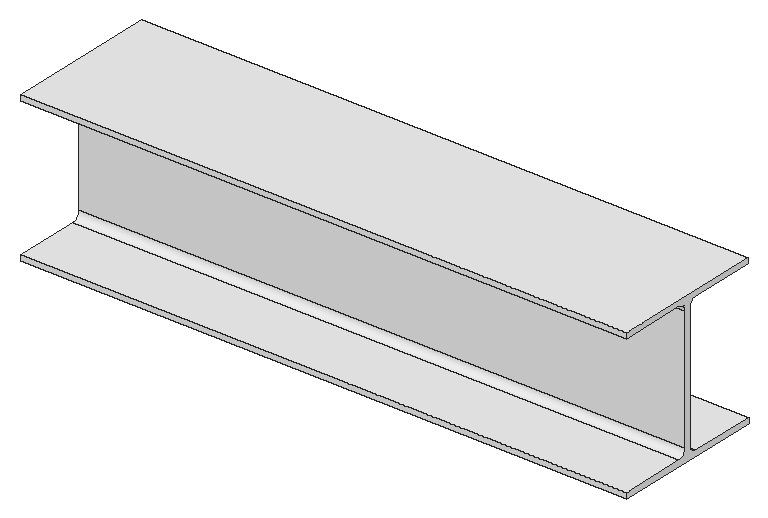
Revit family "PAU-Pilar de arrimo universal", category Quadro estrutural, Revit 2019
Family settings
  Arredondamento do comprimento do framing estrutural = 0 mm
  Forma do corte = Não definido
  Material para o comportamento do modelo = Aço
  Exportar sempre como geometria = Não
  Número OmniClass = 23.25.30.11.14.14
  Título OmniClass = Beams
  ID de item do Seek = UBP-Universal Bearing Pile-0000-CAN-ENU
  Sempre na vertical = Sim
  Corte com vazios quando carregada = Não
  Representação simbólica = Das configurações de projeto
  Compartilhado = Não
  Exibir o pré-corte da família na vista da planta = Sim
Parameters (values of type "305x305x79UBP")
  W = 0
  Structural Material [instance] = Aço, 45-345
  Assembly Code = ""
  Ix = 16440
  Length [instance] = 1524 mm
  M = 78.9
  Nominal h = "305"
  Zx = 1099
  b = 306.4 mm
  h = 299.3 mm
  r = 15.2 mm
  s = 11 mm
  t = 11.1 mm
  A = 0.01 m²
Reference planes
  plane 1 "Centro (Frente/Trás)": y = 0
  plane 2: z = 0
  plane 3 "Centro (Esquerda/Direita)": x = 4.61
  plane 4 "Membro esquerdo": x = -604.99
  plane 5 "Membro direito": x = 614.21
  plane 6: y = 153.2
  plane 7: y = -153.2
  plane 8 "Superior": z = 149.65
  plane 9: z = -149.65
  plane 10 "Direita": x = 766.61
  plane 11 "Esquerda": x = -757.39
Forms (mm)
  Sweep 1, solid, material "Aço, 45-345" <- "Structural Material", detail levels fine
    path origin (0, 0, 0) x (1, 0, 0) y (0, 1, 0)
      loop
        line (614.21, 0) -> (-604.99, 0)
    profile "M_HP-Pilar de arrimo-Perfil-Alto : M_HP-Pilar de arrimo-Perfil-Alto" origin (4.61, 0, 0) x (0, -1, 0) y (0, 0, 1)
      loop
        line (-153.2, -149.65) -> (153.2, -149.65) -> (153.2, -138.55) -> (20.7, -138.55)
        arc (20.7, -138.55) -> (9.952, -134.098) -> (5.5, -123.35) r 15.2
        line (5.5, -123.35) -> (5.5, 123.35)
        arc (5.5, 123.35) -> (9.952, 134.098) -> (20.7, 138.55) r 15.2
        line (20.7, 138.55) -> (153.2, 138.55) -> (153.2, 149.65) -> (-153.2, 149.65) -> (-153.2, 138.55) -> (-20.7, 138.55)
        arc (-20.7, 138.55) -> (-9.952, 134.098) -> (-5.5, 123.35) r 15.2
        line (-5.5, 123.35) -> (-5.5, -123.35)
        arc (-5.5, -123.35) -> (-9.952, -134.098) -> (-20.7, -138.55) r 15.2
        line (-20.7, -138.55) -> (-153.2, -138.55) -> (-153.2, -149.65)
  Sweep 2, solid, material "Aço, 45-345" <- "Structural Material", detail levels medium
    path origin (0, 0, 0) x (1, 0, 0) y (0, 1, 0)
      loop
        line (614.21, 0) -> (-604.99, 0)
    profile "M_HP-Pilar de arrimo-Perfil-Médio : M_HP-Pilar de arrimo-Perfil-Médio" origin (4.61, 0, 0) x (0, -1, 0) y (0, 0, 1)
      loop
        line (-153.2, -149.65) -> (153.2, -149.65) -> (153.2, -138.55) -> (5.5, -138.55) -> (5.5, 138.55) -> (153.2, 138.55) -> (153.2, 149.65) -> (-153.2, 149.65) -> (-153.2, 138.55) -> (-5.5, 138.55) -> (-5.5, -138.55) -> (-153.2, -138.55) -> (-153.2, -149.65)
Lines and regions (mm)
  symbolic lines, style "Faces ocultas", detail levels medium+fine
    curve 1: line (614.21, -5.5, 0) -> (-604.99, -5.5, 0)
    curve 2: line (614.21, 5.5, 0) -> (-604.99, 5.5, 0)
  symbolic lines, style "Símbolos de vara", detail levels coarse
    curve 3: line (4.61, 153.2, 149.65) -> (4.61, -153.2, 149.65)
    curve 4: line (4.61, -153.2, -149.65) -> (4.61, 153.2, -149.65)
    curve 5: line (4.61, 0, 149.65) -> (4.61, 0, -149.65)
Dimensions and locks
  "b": plane 6 to plane 7
  "h": plane 9 to plane 8 "Superior"
  equal spacing: plane 9, plane 2, plane 8 "Superior"
  equal spacing: plane 6, plane 1 "Centro (Frente/Trás)", plane 7
  "Length": plane 11 "Esquerda" to plane 10 "Direita"
  aligned and locked: Sweep 1 sketch curve to plane 1 "Centro (Frente/Trás)"
  aligned and locked: Sweep 2 sketch curve to plane 1 "Centro (Frente/Trás)"
  aligned and locked: Sweep 2 to curve 3  (x2)
  aligned and locked: Sweep 2 to curve 4  (x2)
  aligned and locked: curve 4 to Sweep 2
  aligned and locked: curve 3 to Sweep 2
  aligned and locked: plane 4 "Membro esquerdo" to Sweep 2 sketch curve
  aligned and locked: plane 5 "Membro direito" to Sweep 2 sketch curve
  aligned and locked: plane 4 "Membro esquerdo" to Sweep 1 sketch curve
  aligned and locked: plane 5 "Membro direito" to Sweep 1 sketch curve
  aligned and locked: plane 4 "Membro esquerdo" to curve 2
  aligned and locked: plane 4 "Membro esquerdo" to curve 1
  aligned and locked: plane 5 "Membro direito" to curve 2
  aligned and locked: plane 5 "Membro direito" to curve 1
Automatic sketch dimensions
  plane 1 "Centro (Frente/Trás)" to curve 1 = 5.5 mm
  curve 2 to plane 1 "Centro (Frente/Trás)" = 5.5 mm
  curve 5 to plane 1 "Centro (Frente/Trás)" = 0 mm
Types in the file's own list only (16): name | Ix | M | Nominal h | Zx | b | h | r | s | t | A
  356x368x174UBP | 51010 | 173.9 | "356" | 2823 | 379 mm | 361 mm | 15 mm | 20 mm | 20 mm | 0.02 m²
  356x368x152UBP | 43970 | 152 | "356" | 2468 | 376 mm | 356 mm | 15 mm | 18 mm | 18 mm | 0.02 m²
  356x368x133UBP | 37980 | 133 | "356" | 2158 | 374 mm | 352 mm | 15 mm | 16 mm | 16 mm | 0.02 m²
  356x368x109UBP | 30630 | 108.9 | "356" | 1769 | 371 mm | 346 mm | 15 mm | 13 mm | 13 mm | 0.01 m²
  305x305x223UBP | 52700 | 222.9 | "305" | 3119 | 326 mm | 338 mm | 15 mm | 30 mm | 30 mm | 0.03 m²
  305x305x186UBP | 42610 | 186 | "305" | 2596 | 321 mm | 328 mm | 15 mm | 26 mm | 26 mm | 0.02 m²
  305x305x149UBP | 33070 | 149.1 | "305" | 2076 | 316 mm | 319 mm | 15 mm | 21 mm | 21 mm | 0.02 m²
  305x305x126UBP | 27410 | 126.1 | "305" | 1755 | 313 mm | 312 mm | 15 mm | 18 mm | 18 mm | 0.02 m²
  305x305x110UBP | 23560 | 110 | "305" | 1531 | 311 mm | 308 mm | 15 mm | 15 mm | 15 mm | 0.01 m²
  305x305x95UBP | 20040 | 94.9 | "305" | 1320 | 309 mm | 304 mm | 15 mm | 13 mm | 13 mm | 0.01 m²
  305x305x88UBP | 18420 | 88 | "305" | 1221 | 308 mm | 302 mm | 15 mm | 12 mm | 12 mm | 0.01 m²
  254x254x85UBP | 12280 | 85.1 | "254" | 966 | 260 mm | 254 mm | 13 mm | 14 mm | 14 mm | 0.01 m²
  254x254x71UBP | 10070 | 71 | "254" | 807 | 258 mm | 250 mm | 13 mm | 12 mm | 12 mm | 0.01 m²
  254x254x63UBP | 8860 | 63 | "254" | 717 | 257 mm | 247 mm | 13 mm | 11 mm | 11 mm | 0.01 m²
  203x203x54UBP | 5027 | 53.9 | "203" | 493 | 208 mm | 204 mm | 10 mm | 11 mm | 11 mm | 0.01 m²
  203x203x45UBP | 4100 | 44.9 | "203" | 410 | 206 mm | 200 mm | 10 mm | 10 mm | 10 mm | 0.01 m²
